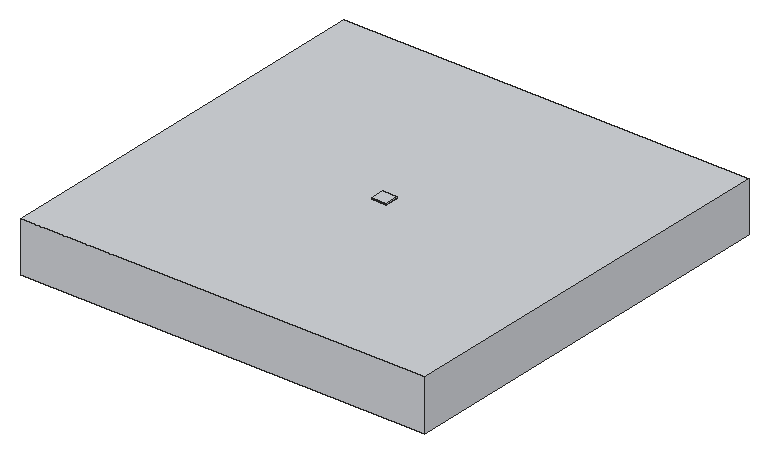
Revit family "单相二三极插座 - 暗装", category 电气装置, Revit 2018
Family settings
  主体 = 面
  保持注释方向 = 是
  圆形连接件大小 = 使用直径
  零件类型 = 标准
  加载时剪切的空心 = 否
  共享 = 否
  房间计算点 = 否
Parameters (values of type "标准")
  宽度 = 长度  # 86.00 mm
  开关电压 = 250 V
  半径 3 = 2.80 mm
  半径 2 = 9.00 mm
  半径 1 = 11.00 mm
  极数 = 1
  材质 = none
  负荷分类 = 其他
  长度 7 = 7.90 mm
  长度 6 = 6.40 mm
  长度 5 = 1.50 mm
  长度 4 = 19.00 mm
  长度 3 = 7.30 mm
  长度 2 = 12.70 mm
  长度 1 = 5.50 mm
  长度 = 86.00 mm
  高度 = 50.00 mm
  默认高程 = 1200.00 mm
  视在负荷 = 0 VA
  角度 1 = 25.00°
Reference planes
  plane 1 "中心(前/后)": y = 0
  plane 2: z = 0
  plane 3 "中心(左/右)": x = 0
  plane 4: x = -43
  plane 5: x = 43
  plane 6: y = -43
  plane 7: y = 43
  plane 8: z = 7
  plane 9: y = 37.5
  plane 10: y = -37.5
  plane 11: z = -50
  plane 12: z = -25
  plane 13: y = -18.75
  plane 14: y = 18.75
  plane 15: x = -6.35
  plane 16: x = 6.35
  plane 17: x = -8.35
  plane 18: x = 8.35
  plane 19: x = -9.5
  plane 20: x = 9.5
  plane 21: y = 21.55
  plane 22: y = 15.95
  plane 23: y = 22.4
  plane 24: y = 15.1
  plane 25: y = -8.45
  plane 26: x = -0.75
  plane 27: x = 0.75
  plane 28: y = -5.25
  plane 29: y = -11.65
Forms (mm)
  Extrusion 1, solid
    sketch origin (0, 0, 0) x (1, 0, 0) y (0, 1, 0)
      loop
        line (-1219.2, 1219.2) -> (-1219.2, -1219.2) -> (1219.2, -1219.2) -> (1219.2, 1219.2) -> (-1219.2, 1219.2)
    from 0 to -304.8
  Extrusion 2, solid, material <- "材质", detail levels medium+fine
    sketch origin (0, 0, 0) x (1, 0, 0) y (0, 1, 0)
      loop
        line (-43, 43) -> (-43, -43) -> (43, -43) -> (43, 43) -> (-43, 43)
    from 0 to 7
  Extrusion 3, solid, material <- "材质", detail levels medium+fine
    sketch origin (0, 0, 0) x (1, 0, 0) y (0, 1, 0)
      loop
        line (-43, 37.5) -> (-43, -37.5) -> (43, -37.5) -> (43, 37.5) -> (-43, 37.5)
    from -50 to 0
  Extrusion 4, solid, material <- "材质", detail levels coarse+fine
    sketch origin (-135.292, -4572, 7) x (-1, 0, 0) y (0, -1, 0)
      loop
        line (-92.292, -4615) -> (-92.292, -4529) -> (-178.292, -4529) -> (-178.292, -4615) -> (-92.292, -4615)
    from 0 to -7
  Extrusion 5, solid, material <- "材质", detail levels coarse
    sketch origin (-135.292, -4572, 7) x (-1, 0, 0) y (0, -1, 0)
      loop
        line (-92.292, -4615) -> (-92.292, -4529) -> (-178.292, -4529) -> (-178.292, -4615) -> (-92.292, -4615)
    from -7 to -57
Lines and regions (mm)
  model lines, detail levels medium+fine
    curve 1: circle (43, -18.75, -25) r 11 normal (1, 0, 0)
    curve 2: circle (43, 18.75, -25) r 9 normal (1, 0, 0)
    curve 3: arc (-9.5, 21.55, 7) -> (-12.3, 18.75, 7) -> (-9.5, 15.95, 7) r 2.8
    curve 4: arc (9.5, 21.55, 7) -> (12.3, 18.75, 7) -> (9.5, 15.95, 7) r 2.8
    curve 5: line (-8.35, 22.4, 7) -> (-6.35, 22.4, 7)
    curve 6: line (-6.35, 15.1, 7) -> (-8.35, 15.1, 7)
    curve 7: line (-6.35, 22.4, 7) -> (-6.35, 15.1, 7)
    curve 8: line (6.35, 22.4, 7) -> (8.35, 22.4, 7)
    curve 9: line (6.35, 15.1, 7) -> (6.35, 22.4, 7)
    curve 10: line (8.35, 15.1, 7) -> (6.35, 15.1, 7)
    curve 11: line (9.5, 21.55, 7) -> (8.35, 21.55, 7)
    curve 12: line (8.35, 15.95, 7) -> (9.5, 15.95, 7)
    curve 13: line (-9.5, 21.55, 7) -> (-8.35, 21.55, 7)
    curve 14: line (-9.5, 15.95, 7) -> (-8.35, 15.95, 7)
    curve 15: line (-8.35, 22.4, 7) -> (-8.35, 21.55, 7)
    curve 16: line (-8.35, 15.95, 7) -> (-8.35, 15.1, 7)
    curve 17: line (8.35, 22.4, 7) -> (8.35, 21.55, 7)
    curve 18: line (8.35, 15.95, 7) -> (8.35, 15.1, 7)
    curve 19: line (-0.75, -5.25, 7) -> (0.75, -5.25, 7)
    curve 20: line (-0.75, -11.65, 7) -> (-0.75, -5.25, 7)
    curve 21: line (0.75, -11.65, 7) -> (-0.75, -11.65, 7)
    curve 22: line (0.75, -5.25, 7) -> (0.75, -11.65, 7)
    curve 24: line (-7.84, -22.406, 7) -> (-6.48, -21.772, 7)
    curve 25: line (-5.135, -28.206, 7) -> (-7.84, -22.406, 7)
    curve 26: line (-3.775, -27.572, 7) -> (-5.135, -28.206, 7)
    curve 27: line (-6.48, -21.772, 7) -> (-3.775, -27.572, 7)
    curve 32: line (7.84, -22.406, 7) -> (6.48, -21.772, 7)
    curve 33: line (5.135, -28.206, 7) -> (7.84, -22.406, 7)
    curve 34: line (3.775, -27.572, 7) -> (5.135, -28.206, 7)
    curve 35: line (6.48, -21.772, 7) -> (3.775, -27.572, 7)
  reference lines
    curve 23: line (0, -18.75, 7) -> (-7.16, -22.089, 7)
    curve 28: line (-7.39, -19.821, 7) -> (-3.265, -28.666, 7)
    curve 29: line (-8.7, -20.56, 7) -> (-4.625, -29.3, 7)
    curve 30: line (-6.311, -28.755, 7) -> (-1.78, -26.642, 7)
    curve 31: line (0, -18.75, 7) -> (7.16, -22.089, 7)
    curve 36: line (7.28, -20.057, 7) -> (3.267, -28.662, 7)
    curve 37: line (8.639, -20.691, 7) -> (4.627, -29.296, 7)
    curve 38: line (2.007, -26.747, 7) -> (6.861, -29.011, 7)
  symbolic lines, detail levels fine
    curve 39: line (-43, -43, 7) -> (43, -43, 7)
    curve 40: line (-43, -43, 0) -> (-43, -43, 7)
    curve 41: line (43, -43, 7) -> (43, -43, 0)
    curve 42: line (-43, -43, 0) -> (43, -43, 0)
    curve 43: line (-43, -43, -50) -> (-43, -43, 0)
    curve 44: line (43, -43, -50) -> (-43, -43, -50)
    curve 45: line (43, -43, 0) -> (43, -43, -50)
Dimensions and locks
  equal spacing: plane 4, plane 3 "中心(左/右)", plane 5
  "长度": plane 4 to plane 5
  equal spacing: plane 7, plane 1 "中心(前/后)", plane 6
  "宽度": plane 7 to plane 6
  locked: plane 8 to plane 2 at 7
  "长度 1": plane 10 to plane 6
  "长度 1": plane 7 to plane 9
  "高度": plane 2 to plane 11
  equal spacing: plane 2, plane 12, plane 11
  equal spacing: plane 10, plane 13, plane 1 "中心(前/后)"
  equal spacing: plane 1 "中心(前/后)", plane 14, plane 9
  equal spacing: plane 15, plane 3 "中心(左/右)", plane 16
  "长度 2": plane 15 to plane 16
  locked: plane 16 to plane 18 at 2
  locked: plane 17 to plane 15 at 2
  equal spacing: plane 19, plane 3 "中心(左/右)", plane 20
  "长度 4": plane 19 to plane 20
  equal spacing: plane 21, plane 14, plane 22
  "半径 3": plane 21 to plane 14
  equal spacing: plane 23, plane 14, plane 24
  "长度 3": plane 23 to plane 24
  locked: plane 25 to plane 13 at 10.3
  equal spacing: plane 26, plane 3 "中心(左/右)", plane 27
  "长度 5": plane 26 to plane 27
  equal spacing: plane 28, plane 25, plane 29
  "长度 6": plane 28 to plane 29
  "长度 7": curve 23 to curve 23
  "长度 5": curve 29 to curve 28
  "长度 6": curve 30 to curve 23
  "长度 7": curve 31 to curve 31
  "长度 5": curve 36 to curve 37
  "长度 6": curve 38 to curve 31
  "半径 1": radius of curve 1
  "半径 2": radius of curve 2
  "半径 3": radius of curve 3
  "半径 3": radius of curve 4
  "角度 1": angle plane 13 to curve 23
  "角度 1": angle curve 31 to plane 13
  aligned and locked: plane 2 to Extrusion 1
  aligned and locked: level to Extrusion 1
  aligned and locked: Extrusion 2 sketch curve to plane 7
  aligned and locked: plane 4 to Extrusion 2 sketch curve
  aligned and locked: plane 6 to Extrusion 2 sketch curve
  aligned and locked: Extrusion 2 sketch curve to plane 5
  aligned and locked: Extrusion 2 to plane 2
  aligned and locked: plane 8 to Extrusion 2
  aligned and locked: Extrusion 3 sketch curve to plane 9
  aligned and locked: Extrusion 3 sketch curve to plane 5
  aligned and locked: plane 10 to Extrusion 3 sketch curve
  aligned and locked: plane 4 to Extrusion 3 sketch curve
  aligned and locked: Extrusion 3 to plane 11
  aligned and locked: plane 2 to Extrusion 3
  aligned and locked: plane 12 to curve 1
  aligned and locked: plane 12 to curve 2
  aligned and locked: plane 14 to curve 2
  aligned and locked: plane 13 to curve 1
  aligned and locked: plane 6 to Extrusion 4 sketch curve
  aligned and locked: Extrusion 4 sketch curve to plane 5
  aligned and locked: Extrusion 4 sketch curve to plane 7
  aligned and locked: plane 4 to Extrusion 4 sketch curve
  aligned and locked: Extrusion 4 to plane 8
  aligned and locked: Extrusion 4 to plane 2
  aligned and locked: Extrusion 5 sketch curve to plane 5
  aligned and locked: plane 4 to Extrusion 5 sketch curve
  aligned and locked: plane 19 to curve 3
  aligned and locked: plane 20 to curve 4
  aligned and locked: curve 7 to plane 15
  aligned and locked: plane 16 to curve 9
  aligned and locked: plane 19 to curve 13
  aligned and locked: plane 17 to curve 13
  aligned and locked: plane 19 to curve 14
  aligned and locked: plane 18 to curve 11
  aligned and locked: plane 20 to curve 11
  aligned and locked: plane 20 to curve 12
  aligned and locked: curve 15 to plane 17
  aligned and locked: curve 16 to plane 17
  aligned and locked: curve 17 to plane 18
  aligned and locked: curve 18 to plane 18
  aligned and locked: curve 8 to plane 23
  aligned and locked: curve 5 to plane 23
  aligned and locked: plane 14 to curve 4
  aligned and locked: plane 24 to curve 10
  aligned and locked: plane 14 to curve 3
  aligned and locked: plane 24 to curve 6
  aligned and locked: curve 19 to plane 28
  aligned and locked: plane 26 to curve 20
  aligned and locked: plane 29 to curve 21
  aligned and locked: curve 22 to plane 27
  aligned and locked: plane 3 "中心(左/右)" to curve 23
  aligned and locked: plane 13 to curve 23
  aligned and locked: curve 24 to curve 23
  aligned and locked: curve 28 to curve 27
  aligned and locked: curve 25 to curve 29
  aligned and locked: curve 26 to curve 30
  aligned and locked: plane 3 "中心(左/右)" to curve 31
  aligned and locked: plane 13 to curve 31
  aligned and locked: curve 31 to curve 32
  aligned and locked: curve 36 to curve 35
  aligned and locked: curve 33 to curve 37
  aligned and locked: curve 38 to curve 34
  aligned and locked: plane 6 to nested 1
  aligned and locked: nested 1 to plane 3 "中心(左/右)"
  aligned and locked: curve 39 to plane 8
  aligned and locked: curve 41 to plane 5
  aligned and locked: plane 4 to curve 40
  aligned and locked: curve 42 to plane 2
  aligned and locked: curve 45 to plane 5
  aligned and locked: plane 11 to curve 44
  aligned and locked: plane 4 to curve 43
  aligned and locked: plane 2 to Extrusion 5
Automatic sketch dimensions
  Extrusion 1 sketch curve to Extrusion 1 sketch curve = 2438.40 mm  (x2)
  curve 21 to plane 27 = 0.00 mm
  curve 30 to curve 23 = 2.952 mm
  curve 28 to curve 23 = 0.75 mm
  curve 29 to curve 30 = 1.298 mm
  curve 29 to curve 23 = 2.036 mm
  curve 28 to curve 23 = 2.152 mm
  curve 23 to curve 29 = 7.607 mm
  curve 23 to curve 28 = 7.607 mm
  curve 38 to curve 31 = 2.702 mm
  curve 36 to curve 31 = 0.75 mm
  curve 31 to curve 38 = 2.655 mm
  curve 36 to curve 31 = 7.602 mm
  curve 37 to curve 31 = 7.602 mm
  curve 31 to curve 37 = 1.892 mm
  curve 31 to curve 36 = 1.892 mm
  plane 9 to Extrusion 5 sketch curve = 5.50 mm
  Extrusion 5 sketch curve to plane 10 = 5.50 mm
Nested families
  nested 1: "单相二三极插座 - 暗装注释" at (0, -43, 0) x (-1, 0, 0) z (0, 0, 1), type "单相二三极插座 - 暗装注释", detail levels coarse+medium
Connectors
  electrical at (43, 0, -25), driven by "负荷分类", driven by "开关电压", driven by "视在负荷", driven by "极数"
    settings: on Extrusion 3, index 1, voltage 250 V, apparent load 0 VA, apparent load phase1 0 VA, apparent load phase2 0 VA, apparent load phase3 0 VA, power factor 1, load classification "其他", number of poles 1, system type 31, power factor state 1, is connector primary yes, connector utility no, sub classification motor no, connector description ""
Definition of nested family "单相二三极插座 - 暗装注释"
  Reference planes
    plane 1: y = 0
    plane 2: x = 0
  Lines and regions (mm)
    detail lines
      curve 1: arc (-5.401, -7.5, 0) -> (-2.901, -5, 0) -> (-0.401, -7.5, 0) r 2.5
      curve 2: line (-2.901, -5, 0) -> (-2.901, 0, 0)
      curve 3: arc (0.357, -7.5, 0) -> (2.857, -5, 0) -> (5.357, -7.5, 0) r 2.5
      curve 4: line (2.857, -5, 0) -> (2.857, 0, 0)
      curve 5: line (0.357, -5, 0) -> (5.357, -5, 0)
  Dimensions and locks
    locked: curve 2 to curve 2 at 5
    locked: curve 4 to curve 4 at 5
    radius of curve 1 = 2.50 mm
